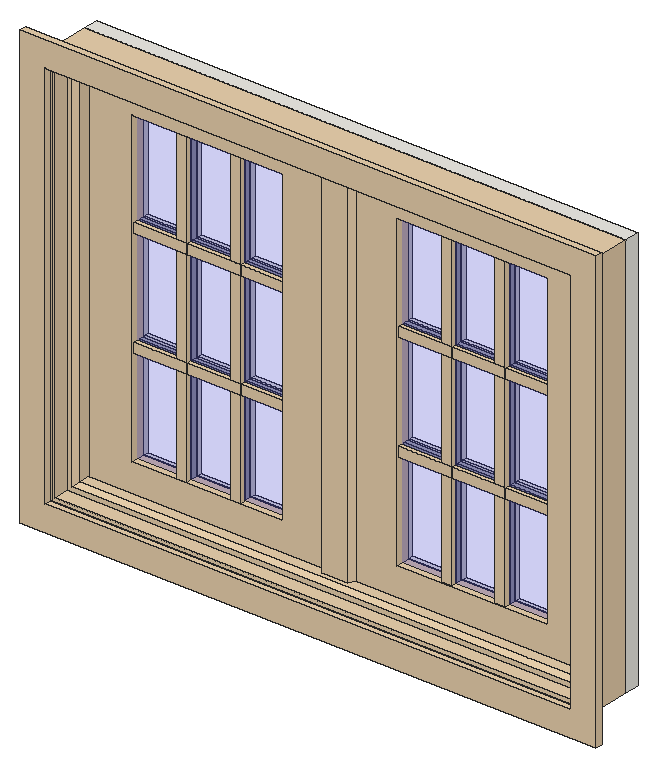
Revit family "Window-Door_Transom-Andersen-400_Series-Double 6", category Windows, host Wall, Revit 2013
Parameters
  Visual Light Transmittance = 0.36  # constant formula
  Thermal Resistance (R) = 0.60723  # 3.4480 (h·ft²·°F)/BTU
  TFL = if(Fractional Lights High > 5, 3, if(or(Fractional Lights High = 4, Fractional Lights High = 5), 2, if(or(Fractional Lights High = 2, Fractional Lights High = 3), 1, 1)))  # 1
  TFB = TFL - 1  # 0
  Solar Heat Gain Coefficient = 0.16  # constant formula
  Sill MO Offset = if(Enter Exterior Trim Number > 0, 0' 1 15/16" + Masonry Opening Offset, 0' 0 1/4")  # 0' - 0 1/4"
  Learn About These Parameters = "http://www.andersenwindows.com/for-professionals/cad-symbols-bim-support-window-doors/bim-support"
  LWide = if(Enter Pattern Number = 3, 3, if(or(Enter Pattern Number = 1, Enter Pattern Number = 2), . . Lights Wide, Fractional Lights Wide))  # 3
  Interior Material = Wood - Andersen - Pine
  Interior Grille Bar = yes
  Heat Transfer Coefficient (U) = 1.6467  # 0.2900 BTU/(h·ft²·°F)
  Head MO Offset = if(Enter Exterior Trim Number > 0, casing4 + Masonry Opening Offset, 0' 0 1/4")  # 0' - 0 1/4"
  Glazing Material = Glass ‐ Andersen - Low-E4 SmartSun
  Fractional Lights Wide = 3
  Fractional Lights High = 3
  Exterior Unit Finish = Vinyl - Andersen - White
  Exterior Grille Bar = yes
  Analytic Construction = "<None>"
  Available Grille Bar Sizes = "3/4'', 7/8'', 1 1/8'', 2 1/4''"  # constant formula
  Between Glass Grille Bar Sizes = "3/4'', 1''"  # constant formula
  Interior Casing = yes
  Grille Bar Size = 0' - 0 7/8"
  Enter Pattern Number = 1
  ..Pattern Number 1 = "Colonial"  # constant formula
  ..Pattern Number 2 = "Modified Colonial"  # constant formula
  . . Lights Wide = 3
  . . Lights High = 3
  ..Pattern Number 3 = "Prairie"  # constant formula
  ..Pattern Number 4 = "Short Fractional"  # constant formula
  ..Pattern Number 5 = "Tall Fractional"  # constant formula
  Extension Jamb = yes
  Enter Exterior Trim Number = 0
  ..Exterior Trim Number 0 = "No Exterior Trim"  # constant formula
  ..Exterior Trim Number 1 = "Brick Mould"  # constant formula
  ..Exterior Trim Number 2 = "3 1/2'' Flat Casing"  # constant formula
  ..Exterior Trim Number 3 = "4 1/2'' Flat Casing"  # constant formula
  Between Glass Grille Bar = yes
  xjamb Visibility [instance] = and(Extension Jamb, and(Wall Depth > 0' 4 1/2", Extension Jamb))  # yes
  xjamb S1 [instance] = if(Wall Depth > 0' 1 7/8", Wall Depth - 0' 4 1/2", 0' 3")  # 0' - 0 1/16"
  sill nose1 = 0' - 1 13/16"  # constant formula
  sill nose 2 = 0' - 1 15/16"  # constant formula
  casingS2 = if(Enter Exterior Trim Number = 1, 0' 0 3/16", 0' 0 3/16")  # 0' - 0 3/16"
  casingS1 = if(Enter Exterior Trim Number = 1, 0' 0 7/16", 0' 0 3/16")  # 0' - 0 3/16"
  casing4 = if(Enter Exterior Trim Number = 1, 0' 1 3/4", if(Enter Exterior Trim Number = 2, 0' 3 1/4", 0' 4 1/4"))  # 0' - 4 1/4"
  casing3 = 0' - 0 1/2"  # constant formula
  casing2 = 0' - 0 7/8"  # constant formula
  casing1 = 0' - 0 1/4"  # constant formula
  Wall Thickness [instance] = 0' - 6"
  Wall Depth [instance] = 0' - 4 9/16"
  Void Offset 2 = if(Enter Exterior Trim Number > 0, 0' 1 15/16", 0' 0")  # 0' - 0"
  Void Offset 1 = if(Enter Exterior Trim Number > 0, casing4, 0' 0")  # 0' - 0"
  Void Depth [instance] = if(Wall Thickness > Wall Depth, 0' 1" + Wall Thickness - Wall Depth, 0' 1")  # 0' - 2 7/16"
  VGB DLO = if(Enter Pattern Number = 3, 0' 4", (H DLO - (Grille Bar Size * (V Bars))) / if(LWide > 2, LWide, 3))  # 0' - 3.88542"
  V Bars = if(Enter Pattern Number = 3, 2, if(LWide > 2, LWide - 1, 2))  # 2
  URL = "www.andersenwindows.com"
  Type Comments = "Vinyl-clad transom window"
  TS V Bar Length = if(or(Enter Pattern Number = 5, Enter Pattern Number = 2), ((((Height - HGO - SGO - (Grille Bar Size * (Fractional Lights High - 1))) / Fractional Lights High)) * TFL) + (TFB * Grille Bar Size), if(Enter Pattern Number = 4, ((Height - HGO - SGO - (Grille Bar Size * (Fractional Lights High - 1))) / Fractional Lights High), Height - HGO - SGO))  # 2' - 3 5/8"
  TS SH DLO = if(or(Enter Pattern Number = 5, Enter Pattern Number = 2), ((((Height - HGO - SGO - (Grille Bar Size * (Fractional Lights High - 1))) / Fractional Lights High)) * TFL) + (TFB * Grille Bar Size) + HGO + (Grille Bar Size / 2), if(Enter Pattern Number = 4, TS V Bar Length + HGO + (Grille Bar Size / 2), (TS V Bar Length / 2) + HGO))  # 1' - 6"
  TS S V = LWide = 2  # no
  TS S H Craftsman = and(Enter Pattern Number = 2, or(Fractional Lights High = 4, Fractional Lights High = 5))  # no
  TS S H = or(or(or(and(. . Lights High = 2, Enter Pattern Number = 1), and(Enter Pattern Number = 4, Fractional Lights High > 1)), and(Enter Pattern Number = 5, Fractional Lights High > 1)), and(Enter Pattern Number = 2, Fractional Lights High > 1))  # no
  TS M V = or(or(or(or(or(and(LWide > 2, Enter Pattern Number = 1), and(LWide > 2, Enter Pattern Number = 2)), Enter Pattern Number = 3), Enter Pattern Number = 4), Enter Pattern Number = 5), and(LWide > 2, Enter Pattern Number = 6))  # yes
  TS M H = or(or(Enter Pattern Number = 3, and(. . Lights High > 2, Enter Pattern Number = 1)), and(Enter Pattern Number = 2, Fractional Lights High > 5))  # yes
  TS HGB DLO = if(Enter Pattern Number = 1, if(. . Lights High > 2, ((TS V Bar Length - (Grille Bar Size * (. . Lights High - 1))) / . . Lights High), 0' 4"), if(Enter Pattern Number = 3, 0' 4", if(Fractional Lights High > 2, ((TS V Bar Length - (Grille Bar Size * 2)) / 3), 0' 4")))  # 0' - 8 5/8"
  TS H Bars = if(Enter Pattern Number = 3, 2, if(Enter Pattern Number = 1, if(. . Lights High > 2, . . Lights High - 1, 2), 2))  # 2
  SGO = 0' - 4 3/16"  # constant formula
  Rough Width = Width + (Rough Opening Offset * 2)  # 4' - 0 1/2"
  Rough Opening Offset = 0' - 0 1/4"
  Rough Height = Height + (Rough Opening Offset * 2)  # 3' - 0 1/2"
  Product Documentation Link = "http://www.andersenwindows.com/products/400-series-frenchwood-hinged-patio-door/"
  Plan Exterior Mask Visibility [instance] = Plan Exterior Mask 2 > 0' 0 1/32"  # yes
  Plan Exterior Mask 2 [instance] = if(Enter Exterior Trim Number > 0, if(Wall Depth + 0' 1 1/16" + casingS1 > Wall Thickness, 0' 0 1/32", Wall Thickness - Wall Depth - 0' 1 1/16" - casingS1), if(Wall Depth + 0' 1 1/16" > Wall Thickness, 0' 0 1/32", Wall Thickness - Wall Depth - 0' 0 1/16"))  # 0' - 1 3/8"
  Plan Exterior Mask [instance] = if(Enter Exterior Trim Number > 0, 0' 1 1/16" + casingS1, 0' 1 1/16")  # 0' - 1 1/16"
  Nail Fin Visibility = Enter Exterior Trim Number = 0  # yes
  Model = "400-Series Door Transom"  # constant formula
  Masonry Width = if(Enter Exterior Trim Number > 0, Width + ((casing4 + Masonry Opening Offset) * 2), Width + (Masonry Opening Offset * 2))  # 4' - 0 1/2"
  Masonry Opening Offset = 0' - 0 1/4"
  Masonry Height = if(Enter Exterior Trim Number > 0, Height + (casing4 + Masonry Opening Offset) + (sill nose 2 + Masonry Opening Offset), Height + (Masonry Opening Offset * 2))  # 3' - 0 1/2"
  Manufacturer = "Andersen Corporation"  # constant formula
  JGO = 0' - 5 9/16"  # constant formula
  Interior Casing Size = 0' - 2 1/4"
  Height = 3' - 0"
  HGO = 0' - 4 3/16"  # constant formula
  H DLO = Width / 2 - JGO - 0' 5 1/32"  # 1' - 1 13/32"
  Family Version = "03.01.15"  # constant formula
  Exterior Trim Finish = Fibrex Composite - Andersen - White
  Designation = "FWT"
  Description = "Vinyl-clad transom window"  # constant formula
  Default Sill Height = 6' 10 1/2" - Rough Height  # 3' - 10"
  Wall Closure = By host
  Width = 4' - 0"
  Coarse Plan [instance] = if(Wall Depth < Wall Thickness, Wall Depth, Wall Thickness)  # 0' - 4 9/16"
  Casing Visibility = Enter Exterior Trim Number > 0  # no
  Between Glass Grille Bar Finish = Stainless Steel - Andersen - Standard
  Bar Center Line = if(Enter Pattern Number = 6, 1, 2)  # 2
  Assembly Code = "B2020100"
Reference planes (in)
  plane 1 "Center (Front/Back)": y = 0
  plane 2: z = 0
  plane 3 "Center (Left/Right)": x = 0
  plane 4 "R Frame": x = -24
  plane 5 "L Frame": x = 24
  plane 6 "B Frame": z = 46.5
  plane 7 "T Frame": z = 82.5
  plane 8 "L Glazing": x = 18.4375
  plane 9 "L Ext Frame1": x = 21.88286
  plane 10 "L Int Frame1": x = 22.285
  plane 11 "L Xjamb 1": x = 23.3125
  plane 12 "L Casing 1": x = 23.75
  plane 13 "L Xjamb 2": x = 23.9375
  plane 14 "L Rough Opening": x = 24.25
  plane 15 "L Casing 2": x = 27.375
  plane 16 "L Casing 3": x = 27.75
  plane 17 "L Casing 4": x = 28.25
  plane 18 "R Glazing": x = -18.4375
  plane 19 "R Ext Frame1": x = -21.88286
  plane 20 "R Int Frame1": x = -22.285
  plane 21 "R Xjamb 1": x = -23.3125
  plane 22 "R Casing 1": x = -23.75
  plane 23 "R Xjamb 2": x = -23.9375
  plane 24 "R Rough Opening": x = -24.25
  plane 25 "R Casing 2": x = -27.375
  plane 26 "R Casing 3": x = -27.75
  plane 27 "R Casing 4": x = -28.25
  plane 28 "R Int Casing": x = -25.5625
  plane 29 "T Glazing": z = 78.3125
  plane 30 "T Ext Frame2": z = 81.79168
  plane 31 "T Int Frame2": z = 81.484
  plane 32 "T Xjamb 1": z = 81.8125
  plane 33 "T Casing 1": z = 82.25
  plane 34 "T Xjamb 2": z = 82.4375
  plane 35 "T Rough Opening": z = 82.75
  plane 36 "T Casing 2": z = 85.875
  plane 37 "T Casing 3": z = 86.25
  plane 38 "T Casing 4": z = 86.75
  plane 39 "T Int Casing": z = 84.0625
  plane 40 "B Glazing": z = 50.6875
  plane 41 "B Ext Frame2": z = 47.20832
  plane 42 "B Int Frame2": z = 47.516
  plane 43 "B Xjamb 2": z = 46.5625
  plane 44 "B Casing 1": z = 46.3125
  plane 45 "B Casing 2": z = 44.5625
  plane 46 "B Int Casing": z = 44.9375
  plane 47 "L Int Casing": x = 25.5625
  plane 48 "Casing S1": y = 3.125
  plane 49 "Casing S2": y = 3.125
  plane 50 "Frame S1": y = 2.9375
  plane 51 "Flange": y = 1.5625
  plane 52 "Glass1 S1": y = 1.21219
  plane 53 "Glass1 S2": y = 1.08719
  plane 54 "Glass1 S3": y = 0.58719
  plane 55 "Glass1 S4": y = 0.46219
  plane 56 "Sash1 S2": y = -0.0945
  plane 57 "Frame2 S2.1": y = -1.6255
  plane 58 "Frame S2": y = -2.9375
  plane 59 "B Xjamb 1": z = 47.1875
  plane 60 "Exterior Offset": y = 4
  plane 61 "Interior Casing": y = -3.625
  plane 62 "Vertical Bar Length": z = 50.6875
  plane 63 "B Rough Opening": z = 46.25
  plane 64 "R Masonry Opening": x = -24.25
  plane 65 "L Masonry Opening": x = 24.25
  plane 66 "T Masonry Opening": z = 82.75
  plane 67 "B Masonry Opening": z = 46.25
  plane 68 "Xjamb S1": y = -2.9375
  plane 69 "Sash1 S1": y = 1.6245
  plane 70 "Frame S1.1": y = 1.9825
  plane 71 "R Int Frame2": x = -22.984
  plane 72 "R Ext Frame2": x = -23.29119
  plane 73 "L Int Frame2": x = 22.984
  plane 74 "L Ext Frame2": x = 23.29119
  plane 75 "T Ext Frame1": z = 80.38086
  plane 76 "T Int Frame1": z = 80.785
  plane 77 "B Int Frame1": z = 48.215
  plane 78 "B Ext Frame1": z = 48.61914
  plane 79 "R Panel L Glazing": x = -5.03125
  plane 80 "L Panel R Glazing": x = 5.03125
  plane 81 "R Panel L": x = -1.03125
  plane 82 "L Panel R": x = 1.03125
  plane 83 "L Astragal": x = -1.58589
  plane 84 "R Astragal": x = 1.58589
Forms (in)
  Extrusion 1, void
    sketch origin (0, 0, 0) x (1, 0, 0) y (0, 0, 1)
      loop
        line (24, 82.5) -> (-24, 82.5) -> (-24, 46.5) -> (24, 46.5) -> (24, 82.5)
    from -1.5625 to 3
  Extrusion 2, void
    sketch origin (0, 0, 0) x (1, 0, 0) y (0, 0, 1)
      loop
        line (24, 82.5) -> (-24, 82.5) -> (-24, 46.5) -> (24, 46.5) -> (24, 82.5)
    from -15 to -1.5625
  Extrusion 3, solid, material "Wood - Andersen - Pine" <- "Interior Material", visible <- "xjamb Visibility", detail levels medium+fine
    sketch origin (0, -2.5625, 0) x (-1, 0, 0) y (0, 0, 1)
      loop
        line (23.9375, 82.4375) -> (-23.9375, 82.4375) -> (-23.9375, 46.5625) -> (23.9375, 46.5625) -> (23.9375, 82.4375)
      loop
        line (23.3125, 81.8125) -> (-23.3125, 81.8125) -> (-23.3125, 47.1875) -> (23.3125, 47.1875) -> (23.3125, 81.8125)
    from -0.375 to -0.4375
  Extrusion 4, solid, material "Wood - Andersen - Pine" <- "Interior Material", visible <- "Interior Casing", detail levels fine
    sketch origin (0, -3.625, 0) x (-1, 0, 0) y (0, 0, 1)
      loop
        line (25.5625, 84.0625) -> (-25.5625, 84.0625) -> (-25.5625, 44.9375) -> (25.5625, 44.9375) -> (25.5625, 84.0625)
      loop
        line (23.3125, 81.8125) -> (-23.3125, 81.8125) -> (-23.3125, 47.1875) -> (23.3125, 47.1875) -> (23.3125, 81.8125)
    from 0 to 0.625
  Extrusion 5, solid, material "Fibrex Composite - Andersen - White" <- "Exterior Trim Finish", visible <- "Casing Visibility", detail levels medium+fine
    sketch origin (0, 0, 0) x (0, 1, 0) y (0, 0, 1)
      loop
        line (2.9375, 46.38964) -> (2.9375, 46.5) -> (1.5625, 46.5) -> (1.5625, 44.5625) -> (3.375, 44.5625) -> (3.375, 46.3125) -> (2.9375, 46.38964)
    from -28.25 to 28.25
  Sweep 6, solid, material "Fibrex Composite - Andersen - White" <- "Exterior Trim Finish", visible <- "Casing Visibility", detail levels medium+fine
    path origin (0, 1.5625, 0) x (-1, 0, 0) y (0, 0, 1)
      loop
        line (-28.25, 44.5625) -> (-28.25, 86.75) -> (28.25, 86.75) -> (28.25, 44.5625)
    profile origin (28.25, 1.5625, 65.65625) x (1, 0, 0) y (0, 1, 0)
      loop
        line (-0.875, 1.5625) -> (-4.5, 1.5625) -> (-4.5, 0) -> (0, 0) -> (0, 1.5625) -> (-0.5, 1.5625) -> (-0.875, 1.5625)
  Extrusion 7, solid, material "Fibrex Composite - Andersen - White" <- "Exterior Trim Finish", visible <- "Casing Visibility", detail levels coarse
    sketch origin (0, 1.5625, 0) x (-1, 0, 0) y (0, 0, 1)
      loop
        line (-28.25, 86.75) -> (-28.25, 44.5625) -> (28.25, 44.5625) -> (28.25, 86.75) -> (-28.25, 86.75)
      loop
        line (-23.75, 82.25) -> (-23.75, 46.5) -> (23.75, 46.5) -> (23.75, 82.25) -> (-23.75, 82.25)
    from 0 to 1.5625
  Extrusion 8, solid, material "Wood - Andersen - Pine" <- "Interior Material"
    sketch origin (0, -0.0945, 0) x (-1, 0, 0) y (0, 0, 1)
      loop
        line (22.984, 81.484) -> (-22.984, 81.484) -> (-22.984, 47.516) -> (22.984, 47.516) -> (22.984, 81.484)
      loop
        line (-5.03125, 78.3125) -> (-18.4375, 78.3125) -> (-18.4375, 50.6875) -> (-5.03125, 50.6875) -> (-5.03125, 78.3125)
      loop
        line (5.03125, 78.3125) -> (5.03125, 50.6875) -> (18.4375, 50.6875) -> (18.4375, 78.3125) -> (5.03125, 78.3125)
    from 0 to 1.30669
  Extrusion 9, solid, material "Vinyl - Andersen - White" <- "Exterior Unit Finish"
    sketch origin (0, 45.99825, 0) x (-1, 0, 0) y (0, 0, 1)
      loop
        line (-18.4375, 78.3125) -> (-18.4375, 50.6875) -> (-5.03125, 50.6875) -> (-5.03125, 78.3125) -> (-18.4375, 78.3125)
      loop
        line (22.984, 47.516) -> (22.984, 81.484) -> (-22.984, 81.484) -> (-22.984, 47.516) -> (22.984, 47.516)
      loop
        line (5.03125, 78.3125) -> (5.03125, 50.6875) -> (18.4375, 50.6875) -> (18.4375, 78.3125) -> (5.03125, 78.3125)
    from -44.37375 to -44.78605
  Extrusion 10, solid, material "Glass ‐ Andersen - Low-E4 SmartSun" <- "Glazing Material"
    sketch origin (0, 0.46219, 0) x (-1, 0, 0) y (0, 0, 1)
      loop
        line (-18.4375, 78.3125) -> (-18.4375, 50.6875) -> (-5.03125, 50.6875) -> (-5.03125, 78.3125) -> (-18.4375, 78.3125)
      loop
        line (5.03125, 78.3125) -> (5.03125, 50.6875) -> (18.4375, 50.6875) -> (18.4375, 78.3125) -> (5.03125, 78.3125)
    from 0 to 0.75
  Extrusion 11, solid, material "Vinyl - Andersen - White" <- "Exterior Unit Finish", detail levels coarse
    sketch origin (0, 1.5625, 0) x (-1, 0, 0) y (0, 0, 1)
      loop
        line (-24, 46.5) -> (24, 46.5) -> (24, 82.5) -> (-24, 82.5) -> (-24, 46.5)
      loop
        line (-21.88286, 48.61914) -> (21.88286, 48.61914) -> (21.88286, 80.38086) -> (-21.88286, 80.38086) -> (-21.88286, 48.61914)
    from 0.062 to 1.375
  Extrusion 12, solid, material "Wood - Andersen - Pine" <- "Interior Material"
    sketch origin (0, 1.5625, 0) x (-1, 0, 0) y (0, 0, 1)
      loop
        line (-22.984, 81.484) -> (-22.984, 47.516) -> (22.984, 47.516) -> (22.984, 81.484) -> (-22.984, 81.484)
      loop
        line (-24, 82.5) -> (-24, 46.5) -> (24, 46.5) -> (24, 82.5) -> (-24, 82.5)
    from -4.5 to 0.062
  Sweep 13, solid, material "Vinyl - Andersen - White" <- "Exterior Unit Finish", detail levels medium+fine
    path origin (0, 1.5625, 0) x (-1, 0, 0) y (0, 0, 1)
      loop
        line (-24, 82.5) -> (-24, 46.5) -> (24, 46.5) -> (24, 82.5) -> (-24, 82.5)
    profile origin (24, 1.5625, 64.5) x (1, 0, 0) y (0, 1, 0)
      loop
        line (-2.11714, 0.062) -> (0, 0.062) -> (0, 1.375) -> (-0.70881, 1.375) -> (-0.94643, 0.42) -> (-1.91565, 0.42) -> (-2.11714, 0.062)
  Sweep 14, solid, material "Wood - Andersen - Pine" <- "Interior Material", detail levels medium+fine
    path origin (0, 1.5625, 0) x (-1, 0, 0) y (0, 0, 1)
      loop
        line (24, 82.5) -> (-24, 82.5) -> (-24, 46.5) -> (24, 46.5) -> (24, 82.5)
    profile origin (24, 1.5625, 64.5) x (0, 1, 0) y (-1, 0, 0)
      loop
        line (-1.657, 1.016) -> (-1.657, 1.715) -> (-2.676, 1.715) -> (-3.188, 1.416) -> (-3.188, 1.016) -> (-1.657, 1.016)
  Extrusion 15, solid, material "Wood - Andersen - Pine" <- "Interior Material"
    sketch origin (0, 0, 0) x (1, 0, 0) y (0, 1, 0)
      loop
        line (-1.44796, -0.0945) -> (-1.16839, -0.65119) -> (1.16839, -0.65119) -> (1.44796, -0.0945) -> (-1.44796, -0.0945)
    from 48.215 to 80.785
  Extrusion 16, solid, material "Vinyl - Andersen - White" <- "Exterior Unit Finish"
    sketch origin (0, 0, 0) x (1, 0, 0) y (0, 1, 0)
      loop
        line (-1.58589, 1.80208) -> (-1.58589, 1.6245) -> (1.58589, 1.6245) -> (1.58589, 1.80208) -> (0.55797, 1.94654) -> (-0.55797, 1.94654) -> (-1.58589, 1.80208)
    from 48.61914 to 80.38086
Cuts and joins
  joined: Extrusion 5, Sweep 6
Lines and regions (in)
  Masking region 1, detail levels medium+fine
    outline origin (0, 0, 46.5) x (0, -1, 0) y (1, 0, 0)
      loop
        line (-2.9375, -24) -> (2.9375, -24) -> (2.9375, 24) -> (-2.9375, 24) -> (-2.9375, -24)
  Masking region 2, visible <- "Casing Visibility", detail levels medium+fine
    outline origin (0, 0, 46.5) x (0, -1, 0) y (1, 0, 0)
      loop
        line (-2.9375, -24) -> (-2.9375, 24) -> (-1.5625, 24) -> (-1.5625, 28.25) -> (-3.125, 28.25) -> (-3.125, -28.25) -> (-1.5625, -28.25) -> (-1.5625, -24) -> (-2.9375, -24)
  Masking region 3, visible <- "Nail Fin Visibility", detail levels coarse
    outline origin (0, 0, 46.5) x (0, -1, 0) y (1, 0, 0)
      loop
        line (-4, -24) -> (3, -24) -> (3, 24) -> (-4, 24) -> (-4, -24)
  Masking region 4
    outline origin (0, 0, 0) x (0, 1, 0) y (0, 0, 1)
      loop
        line (2.9375, 82.5) -> (-2.9375, 82.5) -> (-2.9375, 46.5) -> (2.9375, 46.5) -> (2.9375, 82.5)
  Masking region 5, visible <- "Casing Visibility"
    outline origin (0, 0, 0) x (0, 1, 0) y (0, 0, 1)
      loop
        line (2.9375, 46.38964) -> (2.9375, 46.5) -> (1.5625, 46.5) -> (1.5625, 44.5625) -> (3.375, 44.5625) -> (3.375, 46.3125) -> (2.9375, 46.38964)
  Masking region 6, visible <- "Casing Visibility"
    outline origin (0, 0, 0) x (0, 1, 0) y (0, 0, 1)
      loop
        line (2.9375, 82.5) -> (2.9375, 46.38964) -> (3.125, 46.35658) -> (3.125, 86.75) -> (1.5625, 86.75) -> (1.5625, 82.5) -> (2.9375, 82.5)
  Masking region 7, visible <- "Casing Visibility"
    outline origin (0, 2.9375, 0) x (-1, 0, 0) y (0, 0, 1)
      loop
        line (-28.25, 86.75) -> (-28.25, 44.5625) -> (28.25, 44.5625) -> (28.25, 86.75) -> (-28.25, 86.75)
  Masking region 8
    outline origin (0, 2.9375, 0) x (-1, 0, 0) y (0, 0, 1)
      loop
        line (-24, 82.5) -> (-24, 46.5) -> (24, 46.5) -> (24, 82.5) -> (-24, 82.5)
  Masking region 9
    outline origin (0, -2.9375, 0) x (-1, 0, 0) y (0, 0, 1)
      loop
        line (24, 82.5) -> (-24, 82.5) -> (-24, 46.5) -> (24, 46.5) -> (24, 82.5)
  Masking region 10, visible <- "Interior Casing", detail levels fine
    outline origin (0, -3.625, 0) x (-1, 0, 0) y (0, 0, 1)
      loop
        line (25.5625, 84.0625) -> (-25.5625, 84.0625) -> (-25.5625, 44.9375) -> (25.5625, 44.9375) -> (25.5625, 84.0625)
      loop
        line (23.3125, 81.8125) -> (-23.3125, 81.8125) -> (-23.3125, 47.1875) -> (23.3125, 47.1875) -> (23.3125, 81.8125)
  Masking region 11, visible <- "Casing Visibility", detail levels coarse
    outline origin (0, 0, 46.5) x (0, -1, 0) y (1, 0, 0)
      loop
        line (-4, -28.25) -> (-1.5625, -28.25) -> (-1.5625, -24) -> (3, -24) -> (3, 24) -> (-1.5625, 24) -> (-1.5625, 28.25) -> (-4, 28.25) -> (-4, -28.25)
  Masking region 12, visible <- "xjamb Visibility", detail levels medium+fine
    outline origin (0, 0, 46.5) x (0, -1, 0) y (1, 0, 0)
      loop
        line (2.9375, -23.9375) -> (3, -23.9375) -> (3, 23.9375) -> (2.9375, 23.9375) -> (2.9375, -23.9375)
  Masking region 13, visible <- "Interior Casing", detail levels fine
    outline origin (0, 0, 46.5) x (0, -1, 0) y (1, 0, 0)
      loop
        line (3, -25.5625) -> (3.625, -25.5625) -> (3.625, 25.5625) -> (3, 25.5625) -> (3, -25.5625)
  Masking region 14, visible <- "xjamb Visibility", detail levels medium+fine
    outline origin (0, 0, 0) x (0, 1, 0) y (0, 0, 1)
      loop
        line (-2.9375, 82.4375) -> (-3, 82.4375) -> (-3, 46.5625) -> (-2.9375, 46.5625) -> (-2.9375, 82.4375)
  Masking region 15, visible <- "Interior Casing", detail levels fine
    outline origin (0, 0, 0) x (0, 1, 0) y (0, 0, 1)
      loop
        line (-3, 84.0625) -> (-3.625, 84.0625) -> (-3.625, 44.9375) -> (-3, 44.9375) -> (-3, 84.0625)
  symbolic lines, style "WindowsFrameMullionProjection", visible <- "Casing Visibility", detail levels fine
    curve 1: line (27.75, 3.125, 46.5) -> (27.375, 3.125, 46.5)
    curve 2: line (27.375, 3.125, 46.5) -> (23.75, 3.125, 46.5)
    curve 3: line (23.75, 3.125, 46.5) -> (23.75, 2.9375, 46.5)
    curve 4: line (-27.75, 3.125, 46.5) -> (-27.375, 3.125, 46.5)
    curve 5: line (-27.375, 3.125, 46.5) -> (-23.75, 3.125, 46.5)
    curve 6: line (-23.75, 3.125, 46.5) -> (-23.75, 2.9375, 46.5)
  symbolic lines, style "WindowsGlassProjection", detail levels medium+fine
    curve 7: line (-18.4375, 1.21219, 46.5) -> (-5.03125, 1.21219, 46.5)
    curve 10: line (-18.4375, 0.46219, 46.5) -> (-5.03125, 0.46219, 46.5)
    curve 233: line (5.03125, 1.21219, 46.5) -> (18.4375, 1.21219, 46.5)
    curve 236: line (5.03125, 0.46219, 46.5) -> (18.4375, 0.46219, 46.5)
  symbolic lines, style "WindowsGlassProjection", detail levels fine
    curve 8: line (-18.4375, 1.08719, 46.5) -> (-5.03125, 1.08719, 46.5)
    curve 9: line (-18.4375, 0.58719, 46.5) -> (-5.03125, 0.58719, 46.5)
    curve 27: line (0, 1.08719, 78.3125) -> (0, 1.08719, 50.6875)
    curve 28: line (0, 0.58719, 78.3125) -> (0, 0.58719, 50.6875)
    curve 47: line (-19.3125, 1.08719, 46.25) -> (-18.452, 1.08719, 46.25)
    curve 48: line (-19.3125, 0.58719, 46.25) -> (-18.452, 0.58719, 46.25)
    curve 49: line (-18.5625, 1.08719, 46.25) -> (-18.5625, 0.58719, 46.25)
    curve 50: line (0, 1.08719, 79.1875) -> (0, 1.08719, 78.3125)
    curve 51: line (0, 0.58719, 79.1875) -> (0, 0.58719, 78.3125)
    curve 52: line (0, 1.08719, 78.4375) -> (0, 0.58719, 78.4375)
    curve 70: line (19.3125, 1.08719, 46.25) -> (18.452, 1.08719, 46.25)
    curve 71: line (19.3125, 0.58719, 46.25) -> (18.452, 0.58719, 46.25)
    curve 72: line (18.5625, 1.08719, 46.25) -> (18.5625, 0.58719, 46.25)
    curve 154: line (0, 1.08719, 49.8125) -> (0, 1.08719, 50.6875)
    curve 155: line (0, 0.58719, 49.8125) -> (0, 0.58719, 50.6875)
    curve 156: line (0, 1.08719, 50.5625) -> (0, 0.58719, 50.5625)
    curve 173: line (-4.15625, 1.08719, 46.25) -> (-5.01675, 1.08719, 46.25)
    curve 174: line (-4.15625, 0.58719, 46.25) -> (-5.01675, 0.58719, 46.25)
    curve 175: line (-4.90625, 1.08719, 46.25) -> (-4.90625, 0.58719, 46.25)
    curve 190: line (4.15625, 1.08719, 46.25) -> (5.01675, 1.08719, 46.25)
    curve 191: line (4.15625, 0.58719, 46.25) -> (5.01675, 0.58719, 46.25)
    curve 192: line (4.90625, 1.08719, 46.25) -> (4.90625, 0.58719, 46.25)
    curve 234: line (5.03125, 1.08719, 46.5) -> (18.4375, 1.08719, 46.5)
    curve 235: line (5.03125, 0.58719, 46.5) -> (18.4375, 0.58719, 46.5)
  symbolic lines, style "WindowsFrameMullionProjection", detail levels medium
    curve 11: line (-22.285, 1.6245, 46.5) -> (-18.4375, 1.6245, 46.5)
    curve 12: line (-18.4375, 1.6245, 46.5) -> (-18.4375, -0.0945, 46.5)
    curve 13: line (-18.4375, -0.0945, 46.5) -> (-22.285, -0.0945, 46.5)
    curve 14: line (-22.285, 2.9375, 46.5) -> (-22.285, -2.9375, 46.5)
    curve 15: line (22.285, 1.6245, 46.5) -> (18.4375, 1.6245, 46.5)
    curve 16: line (18.4375, 1.6245, 46.5) -> (18.4375, -0.0945, 46.5)
    curve 17: line (18.4375, -0.0945, 46.5) -> (22.285, -0.0945, 46.5)
    curve 18: line (22.285, 2.9375, 46.5) -> (22.285, -2.9375, 46.5)
    curve 237: line (5.03125, 1.6245, 46.5) -> (5.03125, -0.0945, 46.5)
    curve 238: line (-5.03125, 1.6245, 46.5) -> (-5.03125, -0.0945, 46.5)
    curve 239: line (-5.03125, 1.6245, 46.5) -> (5.03125, 1.6245, 46.5)
    curve 240: line (-5.03125, -0.0945, 46.5) -> (5.03125, -0.0945, 46.5)
    curve 241: line (0, 1.6245, 46.5) -> (0, -0.0945, 46.5)
  symbolic lines, style "WindowsFrameMullionProjection", detail levels coarse
    curve 19: line (-22.285, -3, 46.5) -> (-22.285, 4, 46.5)
    curve 20: line (22.285, -3, 46.5) -> (22.285, 4, 46.5)
  symbolic lines, style "WindowsGlassProjection", detail levels coarse
    curve 21: line (-22.285, 0, 46.5) -> (22.285, 0, 46.5)
    curve 22: line (-22.285, 1, 46.5) -> (22.285, 1, 46.5)
  symbolic lines, style "WindowsFrameMullionProjection", visible <- "Casing Visibility"
    curve 23: line (0, 3.125, 86.25) -> (0, 3.125, 85.875)
    curve 24: line (0, 3.125, 85.875) -> (0, 3.125, 82.25)
    curve 25: line (0, 3.125, 82.25) -> (0, 2.9375, 82.25)
  symbolic lines, style "WindowsGlassProjection"
    curve 26: line (0, 1.21219, 78.3125) -> (0, 1.21219, 50.6875)
    curve 29: line (0, 0.46219, 78.3125) -> (0, 0.46219, 50.6875)
  symbolic lines, style "WindowsFrameMullionProjection", detail levels medium+fine
    curve 30: line (21.88286, 2.9375, 80.38086) -> (-21.88286, 2.9375, 80.38086)
    curve 31: line (21.88286, 2.9375, 48.61914) -> (21.88286, 2.9375, 80.38086)
    curve 32: line (-21.88286, 2.9375, 48.61914) -> (21.88286, 2.9375, 48.61914)
    curve 33: line (-21.88286, 2.9375, 80.38086) -> (-21.88286, 2.9375, 48.61914)
    curve 38: line (-22.285, -2.9375, 81.484) -> (22.285, -2.9375, 81.484)
    curve 39: line (-22.285, -2.9375, 47.516) -> (-22.285, -2.9375, 81.484)
    curve 40: line (22.285, -2.9375, 47.516) -> (-22.285, -2.9375, 47.516)
    curve 41: line (22.285, -2.9375, 81.484) -> (22.285, -2.9375, 47.516)
    curve 250: line (-1.58589, 0, 48.61914) -> (-1.58589, 0, 80.38086)
    curve 251: line (1.58589, 0, 48.61914) -> (1.58589, 0, 80.38086)
  symbolic lines, style "WindowsFrameMullionProjection"
    curve 34: line (18.4375, 0, 78.3125) -> (5.03125, 0, 78.3125)
    curve 35: line (18.4375, 0, 50.6875) -> (18.4375, 0, 78.3125)
    curve 36: line (5.03125, 0, 50.6875) -> (18.4375, 0, 50.6875)
    curve 37: line (5.03125, 0, 78.3125) -> (5.03125, 0, 50.6875)
    curve 121: line (0, 2.9375, 81.79168) -> (0, 1.9825, 81.55357)
    curve 122: line (0, 1.9825, 80.58435) -> (0, 1.6245, 80.38086)
    curve 123: line (0, 1.30351, 78.3125) -> (0, 1.21219, 78.3125)
    curve 124: line (0, 0.46219, 78.3125) -> (0, 0.39969, 78.3125)
    curve 125: line (0, 0.39969, 78.3125) -> (0, -0.0945, 78.5643)
    curve 126: line (0, -0.0945, 80.785) -> (0, -1.1135, 80.785)
    curve 127: line (0, -1.1135, 80.785) -> (0, -1.6255, 81.084)
    curve 135: line (0, 1.9825, 81.55357) -> (0, 1.9825, 80.58435)
    curve 136: line (0, 1.6245, 80.38086) -> (0, 1.6245, 78.44367)
    curve 137: line (0, 1.21219, 79.1875) -> (0, 1.21219, 78.3125)
    curve 138: line (0, 0.46219, 79.1875) -> (0, 0.46219, 78.3125)
    curve 139: line (0, -0.0945, 80.785) -> (0, -0.0945, 78.5643)
    curve 140: line (0, -1.6255, 81.484) -> (0, -1.6255, 81.084)
    curve 141: line (0, -1.6255, 81.484) -> (0, -2.9375, 81.484)
    curve 142: line (0, 1.6245, 78.44367) -> (0, 1.30351, 78.3125)
    curve 143: line (0, 1.21219, 79.1875) -> (0, -0.0945, 79.1875)
    curve 157: line (0, 2.9375, 47.20832) -> (0, 1.9825, 47.44643)
    curve 158: line (0, 1.9825, 48.41565) -> (0, 1.6245, 48.61914)
    curve 159: line (0, 1.30351, 50.6875) -> (0, 1.21219, 50.6875)
    curve 160: line (0, 0.46219, 50.6875) -> (0, 0.39969, 50.6875)
    curve 161: line (0, 0.39969, 50.6875) -> (0, -0.0945, 50.4357)
    curve 162: line (0, -0.0945, 48.215) -> (0, -1.1135, 48.215)
    curve 163: line (0, -1.1135, 48.215) -> (0, -1.6255, 47.916)
    curve 164: line (0, 1.9825, 47.44643) -> (0, 1.9825, 48.41565)
    curve 165: line (0, 1.6245, 48.61914) -> (0, 1.6245, 50.55633)
    curve 166: line (0, 1.21219, 49.8125) -> (0, 1.21219, 50.6875)
    curve 167: line (0, 0.46219, 49.8125) -> (0, 0.46219, 50.6875)
    curve 168: line (0, -0.0945, 48.215) -> (0, -0.0945, 50.4357)
    curve 169: line (0, -1.6255, 47.516) -> (0, -1.6255, 47.916)
    curve 170: line (0, -1.6255, 47.516) -> (0, -2.9375, 47.516)
    curve 171: line (0, 1.6245, 50.55633) -> (0, 1.30351, 50.6875)
    curve 172: line (0, 1.21219, 49.8125) -> (0, -0.0945, 49.8125)
    curve 246: line (-5.03125, 0, 78.3125) -> (-18.4375, 0, 78.3125)
    curve 247: line (-5.03125, 0, 50.6875) -> (-5.03125, 0, 78.3125)
    curve 248: line (-18.4375, 0, 50.6875) -> (-5.03125, 0, 50.6875)
    curve 249: line (-18.4375, 0, 78.3125) -> (-18.4375, 0, 50.6875)
  symbolic lines, style "WindowsFrameMullionProjection", visible <- "Casing Visibility", detail levels medium
    curve 42: line (-24, 2.9375, 46.5) -> (-24, 3.125, 46.5)
    curve 43: line (24, 3.125, 46.5) -> (24, 2.9375, 46.5)
  symbolic lines, style "WindowsFrameMullionProjection", visible <- "Nail Fin Visibility", detail levels medium+fine
    curve 44: line (-24, 1.5625, 0) -> (-25.5, 1.5625, 0)
    curve 69: line (24, 1.5625, 0) -> (25.5, 1.5625, 0)
  symbolic lines, style "WindowsFrameMullionProjection", visible <- "Nail Fin Visibility"
    curve 45: line (0, 1.5625, 82.5) -> (0, 1.5625, 84)
    curve 153: line (0, 1.5625, 46.5) -> (0, 1.5625, 45)
  symbolic lines, style "WindowsFrameMullionProjection", visible <- "Nail Fin Visibility", not visible
    curve 46: line (0, 69.99411, 71.7698) -> (0, 69.99411, 73.2698)
  symbolic lines, style "WindowsGlassProjection", not visible, detail levels fine
    curve 53: line (0, 69.5188, 68.4573) -> (0, 69.5188, 67.5823)
    curve 54: line (0, 69.0188, 68.4573) -> (0, 69.0188, 67.5823)
    curve 55: line (0, 69.5188, 67.7073) -> (0, 69.0188, 67.7073)
    curve 66: line (-19.69142, 14.83537, 46.25) -> (-18.83092, 14.83537, 46.25)
    curve 67: line (-19.69142, 14.33537, 46.25) -> (-18.83092, 14.33537, 46.25)
    curve 68: line (-18.94142, 14.83537, 46.25) -> (-18.94142, 14.33537, 46.25)
    curve 203: line (-4.15625, 2.08719, 46.25) -> (-5.01675, 2.08719, 46.25)
    curve 204: line (-4.15625, 1.58719, 46.25) -> (-5.01675, 1.58719, 46.25)
    curve 205: line (-4.90625, 2.08719, 46.25) -> (-4.90625, 1.58719, 46.25)
    curve 220: line (4.15625, 2.08719, 46.25) -> (5.01675, 2.08719, 46.25)
    curve 221: line (4.15625, 1.58719, 46.25) -> (5.01675, 1.58719, 46.25)
    curve 222: line (4.90625, 2.08719, 46.25) -> (4.90625, 1.58719, 46.25)
  symbolic lines, style "WindowsFrameMullionProjection", visible <- "xjamb Visibility", detail levels medium+fine
    curve 56: line (-23.3125, -2.9375, 46.5) -> (-23.3125, -3, 46.5)
    curve 58: line (23.3125, -2.9375, 46.5) -> (23.3125, -3, 46.5)
    curve 60: line (0, -2.9375, 81.8125) -> (0, -3, 81.8125)
    curve 62: line (0, -2.9375, 47.1875) -> (0, -3, 47.1875)
  symbolic lines, style "WindowsFrameMullionProjection", visible <- "Interior Casing", detail levels fine
    curve 57: line (-23.3125, -3, 46.5) -> (-23.3125, -3.625, 46.5)
    curve 59: line (23.3125, -3, 46.5) -> (23.3125, -3.625, 46.5)
    curve 61: line (0, -3, 81.8125) -> (0, -3.625, 81.8125)
    curve 63: line (0, -3, 47.1875) -> (0, -3.625, 47.1875)
  symbolic lines, style "InvisibleLines", detail levels coarse
    curve 64: line (-24, -3, 0) -> (24, -3, 0)
  symbolic lines, style "WindowsFrameMullionProjection", visible <- "Nail Fin Visibility", not visible, detail levels medium+fine
    curve 65: line (-24.37892, 15.31068, 0) -> (-25.87892, 15.31068, 0)
  symbolic lines, style "WindowsFrameMullionProjection", detail levels fine
    curve 73: line (-23.29119, 2.9375, 46.25) -> (-23.05357, 1.9825, 46.25)
    curve 74: line (-22.08435, 1.9825, 46.25) -> (-21.88286, 1.6245, 46.25)
    curve 75: line (-18.56719, 1.6245, 46.25) -> (-18.4375, 1.30351, 46.25)
    curve 76: line (-18.4375, 1.30351, 46.25) -> (-18.4375, 1.21219, 46.25)
    curve 77: line (-18.4375, 0.46219, 46.25) -> (-18.4375, 0.40019, 46.25)
    curve 78: line (-18.4375, 0.40019, 46.25) -> (-18.68593, -0.0945, 46.25)
    curve 79: line (-22.285, -0.0945, 46.25) -> (-22.285, -1.1135, 46.25)
    curve 80: line (-22.285, -1.1135, 46.25) -> (-22.584, -1.6255, 46.25)
    curve 81: line (-22.984, -1.6255, 46.25) -> (-22.984, -2.9375, 46.25)
    curve 82: line (-23.05357, 1.9825, 46.25) -> (-22.08435, 1.9825, 46.25)
    curve 83: line (-21.88286, 1.6245, 46.25) -> (-18.56719, 1.6245, 46.25)
    curve 84: line (-19.3125, 1.21219, 46.25) -> (-18.4375, 1.21219, 46.25)
    curve 85: line (-19.3125, 0.46219, 46.25) -> (-18.4375, 0.46219, 46.25)
    curve 86: line (-22.285, -0.0945, 46.25) -> (-18.68593, -0.0945, 46.25)
    curve 87: line (-22.984, -1.6255, 46.25) -> (-22.584, -1.6255, 46.25)
    curve 103: line (23.29119, 2.9375, 46.25) -> (23.05357, 1.9825, 46.25)
    curve 104: line (22.08435, 1.9825, 46.25) -> (21.88286, 1.6245, 46.25)
    curve 105: line (18.56719, 1.6245, 46.25) -> (18.4375, 1.30351, 46.25)
    curve 106: line (18.4375, 1.30351, 46.25) -> (18.4375, 1.21219, 46.25)
    curve 107: line (18.4375, 0.46219, 46.25) -> (18.4375, 0.40019, 46.25)
    curve 108: line (18.4375, 0.40019, 46.25) -> (18.68593, -0.0945, 46.25)
    curve 109: line (22.285, -0.0945, 46.25) -> (22.285, -1.1135, 46.25)
    curve 110: line (22.285, -1.1135, 46.25) -> (22.584, -1.6255, 46.25)
    curve 111: line (22.984, -1.6255, 46.25) -> (22.984, -2.9375, 46.25)
    curve 112: line (23.05357, 1.9825, 46.25) -> (22.08435, 1.9825, 46.25)
    curve 113: line (21.88286, 1.6245, 46.25) -> (18.56719, 1.6245, 46.25)
    curve 114: line (19.3125, 1.21219, 46.25) -> (18.4375, 1.21219, 46.25)
    curve 115: line (19.3125, 0.46219, 46.25) -> (18.4375, 0.46219, 46.25)
    curve 116: line (22.285, -0.0945, 46.25) -> (18.68593, -0.0945, 46.25)
    curve 117: line (22.984, -1.6255, 46.25) -> (22.584, -1.6255, 46.25)
    curve 118: line (-19.3125, 1.21219, 46.25) -> (-19.3125, -0.0945, 46.25)
    curve 120: line (19.3125, 1.21219, 46.25) -> (19.3125, -0.0945, 46.25)
    curve 176: line (0.55797, 1.94654, 46.25) -> (-0.55797, 1.94654, 46.25)
    curve 177: line (-1.58589, 1.80208, 46.25) -> (-1.58589, 1.6245, 46.25)
    curve 178: line (-4.90156, 1.6245, 46.25) -> (-5.03125, 1.30351, 46.25)
    curve 179: line (-5.03125, 1.30351, 46.25) -> (-5.03125, 1.21219, 46.25)
    curve 180: line (-5.03125, 0.46219, 46.25) -> (-5.03125, 0.40019, 46.25)
    curve 181: line (-5.03125, 0.40019, 46.25) -> (-4.78282, -0.0945, 46.25)
    curve 182: line (-0.55797, 1.94654, 46.25) -> (-1.58589, 1.80208, 46.25)
    curve 183: line (-1.58589, 1.6245, 46.25) -> (-4.90156, 1.6245, 46.25)
    curve 184: line (-4.15625, 1.21219, 46.25) -> (-5.03125, 1.21219, 46.25)
    curve 185: line (-4.15625, 0.46219, 46.25) -> (-5.03125, 0.46219, 46.25)
    curve 186: line (-1.44796, -0.0945, 46.25) -> (-4.78282, -0.0945, 46.25)
    curve 187: line (-4.15625, 1.21219, 46.25) -> (-4.15625, -0.0945, 46.25)
    curve 188: line (-1.44796, -0.0945, 46.25) -> (-1.16839, -0.65119, 46.25)
    curve 189: line (1.16839, -0.65119, 46.25) -> (-1.16839, -0.65119, 46.25)
    curve 193: line (1.58589, 1.80208, 46.25) -> (1.58589, 1.6245, 46.25)
    curve 194: line (4.90156, 1.6245, 46.25) -> (5.03125, 1.30351, 46.25)
    curve 195: line (5.03125, 1.30351, 46.25) -> (5.03125, 1.21219, 46.25)
    curve 196: line (5.03125, 0.46219, 46.25) -> (5.03125, 0.40019, 46.25)
    curve 197: line (5.03125, 0.40019, 46.25) -> (4.78282, -0.0945, 46.25)
    curve 198: line (0.55797, 1.94654, 46.25) -> (1.58589, 1.80208, 46.25)
    curve 199: line (4.15625, 1.21219, 46.25) -> (5.03125, 1.21219, 46.25)
    curve 200: line (4.15625, 0.46219, 46.25) -> (5.03125, 0.46219, 46.25)
    curve 201: line (4.15625, 1.21219, 46.25) -> (4.15625, -0.0945, 46.25)
    curve 202: line (1.44796, -0.0945, 46.25) -> (1.16839, -0.65119, 46.25)
    curve 242: line (4.78282, -0.0945, 46.25) -> (1.44796, -0.0945, 46.25)
    curve 243: line (4.90156, 1.6245, 46.25) -> (1.58589, 1.6245, 46.25)
  symbolic lines, style "WindowsFrameMullionProjection", not visible, detail levels fine
    curve 88: line (-23.67011, 16.68568, 46.25) -> (-23.43249, 15.73068, 46.25)
    curve 89: line (-22.46327, 15.73068, 46.25) -> (-22.26178, 15.37268, 46.25)
    curve 90: line (-18.9461, 15.37268, 46.25) -> (-18.81642, 15.05169, 46.25)
    curve 91: line (-18.81642, 15.05169, 46.25) -> (-18.81642, 14.96037, 46.25)
    curve 92: line (-18.81642, 14.21037, 46.25) -> (-18.81642, 14.14837, 46.25)
    curve 93: line (-18.81642, 14.14837, 46.25) -> (-19.06485, 13.65368, 46.25)
    curve 94: line (-22.66392, 13.65368, 46.25) -> (-22.66392, 12.63468, 46.25)
    curve 95: line (-22.66392, 12.63468, 46.25) -> (-22.96292, 12.12268, 46.25)
    curve 96: line (-23.36292, 12.12268, 46.25) -> (-23.36292, 10.81068, 46.25)
    curve 97: line (-23.43249, 15.73068, 46.25) -> (-22.46327, 15.73068, 46.25)
    curve 98: line (-22.26178, 15.37268, 46.25) -> (-18.9461, 15.37268, 46.25)
    curve 99: line (-19.69142, 14.96037, 46.25) -> (-18.81642, 14.96037, 46.25)
    curve 100: line (-19.69142, 14.21037, 46.25) -> (-18.81642, 14.21037, 46.25)
    curve 101: line (-22.66392, 13.65368, 46.25) -> (-19.06485, 13.65368, 46.25)
    curve 102: line (-23.36292, 12.12268, 46.25) -> (-22.96292, 12.12268, 46.25)
    curve 119: line (-19.69142, 14.96037, 46.25) -> (-19.69142, 13.65368, 46.25)
    curve 206: line (0.55797, 2.94654, 46.25) -> (-0.55797, 2.94654, 46.25)
    curve 207: line (-1.58589, 2.80208, 46.25) -> (-1.58589, 2.6245, 46.25)
    curve 208: line (-4.90156, 2.6245, 46.25) -> (-5.03125, 2.30351, 46.25)
    curve 209: line (-5.03125, 2.30351, 46.25) -> (-5.03125, 2.21219, 46.25)
    curve 210: line (-5.03125, 1.46219, 46.25) -> (-5.03125, 1.40019, 46.25)
    curve 211: line (-5.03125, 1.40019, 46.25) -> (-4.78282, 0.9055, 46.25)
    curve 212: line (-0.55797, 2.94654, 46.25) -> (-1.58589, 2.80208, 46.25)
    curve 213: line (-1.58589, 2.6245, 46.25) -> (-4.90156, 2.6245, 46.25)
    curve 214: line (-4.15625, 2.21219, 46.25) -> (-5.03125, 2.21219, 46.25)
    curve 215: line (-4.15625, 1.46219, 46.25) -> (-5.03125, 1.46219, 46.25)
    curve 216: line (-1.44796, 0.9055, 46.25) -> (-4.78282, 0.9055, 46.25)
    curve 217: line (-4.15625, 2.21219, 46.25) -> (-4.15625, 0.9055, 46.25)
    curve 218: line (-1.44796, 0.9055, 46.25) -> (-1.16839, 0.34881, 46.25)
    curve 219: line (1.16839, 0.34881, 46.25) -> (-1.16839, 0.34881, 46.25)
    curve 223: line (1.58589, 2.80208, 46.25) -> (1.58589, 2.6245, 46.25)
    curve 224: line (4.90156, 2.6245, 46.25) -> (5.03125, 2.30351, 46.25)
    curve 225: line (5.03125, 2.30351, 46.25) -> (5.03125, 2.21219, 46.25)
    curve 226: line (5.03125, 1.46219, 46.25) -> (5.03125, 1.40019, 46.25)
    curve 227: line (5.03125, 1.40019, 46.25) -> (4.78282, 0.9055, 46.25)
    curve 228: line (0.55797, 2.94654, 46.25) -> (1.58589, 2.80208, 46.25)
    curve 229: line (4.15625, 2.21219, 46.25) -> (5.03125, 2.21219, 46.25)
    curve 230: line (4.15625, 1.46219, 46.25) -> (5.03125, 1.46219, 46.25)
    curve 231: line (4.15625, 2.21219, 46.25) -> (4.15625, 0.9055, 46.25)
    curve 232: line (1.44796, 0.9055, 46.25) -> (1.16839, 0.34881, 46.25)
    curve 244: line (4.78282, 0.9055, 46.25) -> (1.44796, 0.9055, 46.25)
    curve 245: line (4.90156, 2.6245, 46.25) -> (1.58589, 2.6245, 46.25)
  symbolic lines, style "WindowsFrameMullionProjection", not visible
    curve 128: line (0, 71.36911, 71.06148) -> (0, 70.41411, 70.82337)
    curve 129: line (0, 70.41411, 69.85415) -> (0, 70.05611, 69.65067)
    curve 130: line (0, 69.73512, 67.5823) -> (0, 69.6438, 67.5823)
    curve 131: line (0, 68.8938, 67.5823) -> (0, 68.8313, 67.5823)
    curve 132: line (0, 68.8313, 67.5823) -> (0, 68.33711, 67.83411)
    curve 133: line (0, 68.33711, 70.0548) -> (0, 67.31811, 70.0548)
    curve 134: line (0, 67.31811, 70.0548) -> (0, 66.80611, 70.3538)
    curve 144: line (0, 70.41411, 70.82337) -> (0, 70.41411, 69.85415)
    curve 145: line (0, 70.05611, 69.65067) -> (0, 70.05611, 67.71347)
    curve 146: line (0, 69.6438, 68.4573) -> (0, 69.6438, 67.5823)
    curve 147: line (0, 68.8938, 68.4573) -> (0, 68.8938, 67.5823)
    curve 148: line (0, 68.33711, 70.0548) -> (0, 68.33711, 67.83411)
    curve 149: line (0, 66.80611, 70.7538) -> (0, 66.80611, 70.3538)
    curve 150: line (0, 66.80611, 70.7538) -> (0, 65.49411, 70.7538)
    curve 151: line (0, 70.05611, 67.71347) -> (0, 69.73512, 67.5823)
    curve 152: line (0, 69.6438, 68.4573) -> (0, 68.33711, 68.4573)
Text (in)
  text "EXTERIOR" at (-58.6888, 50.90694, 0), in view "Ref. Level"
  text "INTERIOR" at (-58.6888, -37.76638, 0), in view "Ref. Level"
  text "Exterior" at (0, 43.65631, 123.19604), in view "Left"
  text "Exterior" at (0, 18.29385, 125.04747), in view "Right"
Dimensions and locks (in)
  equal spacing: plane 4 "R Frame", plane 3 "Center (Left/Right)", plane 5 "L Frame"
  "Width": plane 4 "R Frame" to plane 5 "L Frame"
  "Height": plane 6 "B Frame" to plane 7 "T Frame"
  locked: plane 50 "Frame S1" to plane 51 "Flange" at 1.375
  locked: plane 51 "Flange" to plane 52 "Glass1 S1" at 0.35031
  locked: plane 51 "Flange" to plane 53 "Glass1 S2" at 0.47531
  locked: plane 51 "Flange" to plane 54 "Glass1 S3" at 0.97531
  locked: plane 51 "Flange" to plane 55 "Glass1 S4" at 1.10031
  locked: plane 51 "Flange" to plane 56 "Sash1 S2" at 1.657
  locked: plane 51 "Flange" to plane 57 "Frame2 S2.1" at 3.188
  locked: plane 51 "Flange" to plane 58 "Frame S2" at 4.5
  "casingS2": plane 49 "Casing S2" to plane 50 "Frame S1"
  "casingS1": plane 48 "Casing S1" to plane 50 "Frame S1"
  locked: plane 34 "T Xjamb 2" to plane 7 "T Frame" at 0.0625
  "casing1": plane 33 "T Casing 1" to plane 7 "T Frame"
  locked: plane 32 "T Xjamb 1" to plane 7 "T Frame" at 0.6875
  locked: plane 31 "T Int Frame2" to plane 7 "T Frame" at 1.016
  locked: plane 30 "T Ext Frame2" to plane 7 "T Frame" at 0.70832
  "HGO": plane 29 "T Glazing" to plane 7 "T Frame"
  "Rough Opening Offset": plane 7 "T Frame" to plane 35 "T Rough Opening"
  "casing4": plane 7 "T Frame" to plane 38 "T Casing 4"
  locked: plane 6 "B Frame" to plane 43 "B Xjamb 2" at 0.0625
  locked: plane 6 "B Frame" to plane 59 "B Xjamb 1" at 0.6875
  locked: plane 6 "B Frame" to plane 41 "B Ext Frame2" at 0.70832
  locked: plane 6 "B Frame" to plane 42 "B Int Frame2" at 1.016
  "SGO": plane 6 "B Frame" to plane 40 "B Glazing"
  "casing4": plane 5 "L Frame" to plane 17 "L Casing 4"
  "casing4": plane 27 "R Casing 4" to plane 4 "R Frame"
  "casing3": plane 37 "T Casing 3" to plane 38 "T Casing 4"
  "casing2": plane 36 "T Casing 2" to plane 38 "T Casing 4"
  "casing3": plane 27 "R Casing 4" to plane 26 "R Casing 3"
  "casing2": plane 27 "R Casing 4" to plane 25 "R Casing 2"
  "casing1": plane 4 "R Frame" to plane 22 "R Casing 1"
  "casing1": plane 12 "L Casing 1" to plane 5 "L Frame"
  "casing3": plane 16 "L Casing 3" to plane 17 "L Casing 4"
  "casing2": plane 15 "L Casing 2" to plane 17 "L Casing 4"
  locked: plane 60 "Exterior Offset" to host wall at 1
  "Void Offset 1": plane 7 "T Frame" to Extrusion 2 sketch curve
  "Void Offset 1": Extrusion 2 sketch curve to plane 4 "R Frame"
  "Void Offset 1": plane 5 "L Frame" to Extrusion 2 sketch curve
  "Interior Casing Size": plane 28 "R Int Casing" to plane 21 "R Xjamb 1"
  "Interior Casing Size": plane 11 "L Xjamb 1" to plane 47 "L Int Casing"
  "Interior Casing Size": plane 32 "T Xjamb 1" to plane 39 "T Int Casing"
  "Interior Casing Size": plane 46 "B Int Casing" to plane 59 "B Xjamb 1"
  locked: plane 4 "R Frame" to plane 21 "R Xjamb 1" at 0.6875
  locked: plane 4 "R Frame" to plane 20 "R Int Frame1" at 1.715
  locked: plane 4 "R Frame" to plane 19 "R Ext Frame1" at 2.11714
  "JGO": plane 4 "R Frame" to plane 18 "R Glazing"
  locked: plane 10 "L Int Frame1" to plane 5 "L Frame" at 1.715
  locked: plane 9 "L Ext Frame1" to plane 5 "L Frame" at 2.11714
  "JGO": plane 8 "L Glazing" to plane 5 "L Frame"
  locked: plane 11 "L Xjamb 1" to plane 5 "L Frame" at 0.6875
  "Wall Thickness": host wall to host wall
  locked: plane 1 "Center (Front/Back)" to curve 22 at 1
  "sill nose1": Masking region 5 sketch curve to plane 51 "Flange"
  "TS SH DLO": nested 2 to plane 7 "T Frame"
  "VGB DLO": nested 3 to plane 8 "L Glazing"
  group 2 to group 1 = 0' - 4.76042"
  group 1 to group 2 = 0' - 0"  (x2)
  group 3 to group 4 = 0' - 0"  (x2)
  group 3 to group 4 = 0' - 9 1/2"
  "TS HGB DLO": nested 6 to plane 29 "T Glazing"
  "TS HGB DLO": plane 62 "Vertical Bar Length" to nested 4
  "TS V Bar Length": plane 62 "Vertical Bar Length" to plane 29 "T Glazing"
  equal spacing: plane 62 "Vertical Bar Length", nested 7, plane 29 "T Glazing"
  "Rough Opening Offset": plane 63 "B Rough Opening" to plane 6 "B Frame"
  "sill nose1": Extrusion 5 sketch curve to plane 51 "Flange"
  "Void Depth": plane 60 "Exterior Offset" to Extrusion 2
  "Wall Depth": host wall to plane 51 "Flange"
  "Void Depth": plane 60 "Exterior Offset" to Masking region 11 sketch curve  (x2)
  locked: plane 61 "Interior Casing" to host wall at 0.625
  locked: Extrusion 2 to host wall at 12
  "Rough Opening Offset": plane 24 "R Rough Opening" to plane 4 "R Frame"
  "Rough Opening Offset": plane 5 "L Frame" to plane 14 "L Rough Opening"
  locked: plane 13 "L Xjamb 2" to plane 5 "L Frame" at 0.0625
  locked: plane 4 "R Frame" to plane 23 "R Xjamb 2" at 0.0625
  "xjamb S1": host wall to plane 68 "Xjamb S1"
  locked: plane 69 "Sash1 S1" to plane 51 "Flange" at 0.062
  locked: plane 70 "Frame S1.1" to plane 51 "Flange" at 0.42
  locked: plane 4 "R Frame" to plane 71 "R Int Frame2" at 1.016
  locked: plane 4 "R Frame" to plane 72 "R Ext Frame2" at 0.70881
  locked: plane 74 "L Ext Frame2" to plane 5 "L Frame" at 0.70881
  locked: plane 73 "L Int Frame2" to plane 5 "L Frame" at 1.016
  locked: plane 75 "T Ext Frame1" to plane 7 "T Frame" at 2.11914
  locked: plane 2 to plane 7 "T Frame" at 82.5
  equal spacing: plane 64 "R Masonry Opening", plane 3 "Center (Left/Right)", plane 65 "L Masonry Opening"
  "Masonry Width": plane 64 "R Masonry Opening" to plane 65 "L Masonry Opening"
  "Head MO Offset": plane 7 "T Frame" to plane 66 "T Masonry Opening"
  locked: plane 44 "B Casing 1" to plane 6 "B Frame" at 0.1875
  "Sill MO Offset": plane 67 "B Masonry Opening" to plane 6 "B Frame"
  "sill nose 2": plane 45 "B Casing 2" to plane 6 "B Frame"
  locked: plane 79 "R Panel L Glazing" to plane 3 "Center (Left/Right)" at 5.03125
  locked: plane 3 "Center (Left/Right)" to plane 80 "L Panel R Glazing" at 5.03125
  locked: plane 81 "R Panel L" to plane 3 "Center (Left/Right)" at 1.03125
  locked: plane 3 "Center (Left/Right)" to plane 82 "L Panel R" at 1.03125
  "VGB DLO": plane 80 "L Panel R Glazing" to nested 5
  equal spacing: plane 80 "L Panel R Glazing", nested 1, plane 8 "L Glazing"
  "VGB DLO": nested 8 to plane 79 "R Panel L Glazing"
  group 12 to group 11 = 0' - 0"
  group 11 to group 12 = 0' - 0"
  group 12 to group 11 = 0' - 9 1/2"
  "TS HGB DLO": nested 9 to plane 29 "T Glazing"
  "TS HGB DLO": plane 62 "Vertical Bar Length" to nested 10
  "TS SH DLO": nested 11 to plane 7 "T Frame"
  equal spacing: plane 62 "Vertical Bar Length", nested 12, plane 29 "T Glazing"
  locked: plane 83 "L Astragal" to plane 3 "Center (Left/Right)" at 1.58589
  locked: plane 3 "Center (Left/Right)" to plane 84 "R Astragal" at 1.58589
  "Void Offset 2": Extrusion 2 sketch curve to plane 6 "B Frame"
  locked: plane 6 "B Frame" to plane 78 "B Ext Frame1" at 2.11914
  locked: plane 6 "B Frame" to plane 77 "B Int Frame1" at 1.715
  equal spacing: plane 18 "R Glazing", nested 13, plane 79 "R Panel L Glazing"
  group 16 to group 15 = 0' - 4.76042"
  group 15 to group 16 = 0' - 0"  (x2)
  "VGB DLO": plane 18 "R Glazing" to nested 14
  locked: plane 44 "B Casing 1" to Masking region 5 sketch curve (angle 10.00°)
  locked: plane 44 "B Casing 1" to Masking region 6 sketch curve (angle 10.00°)
  locked: plane 44 "B Casing 1" to Extrusion 5 sketch curve (angle 10.00°)
  aligned and locked: level to plane 2
  aligned and locked: plane 7 "T Frame" to Extrusion 1 sketch curve
  aligned and locked: plane 5 "L Frame" to Extrusion 1 sketch curve
  aligned and locked: Extrusion 1 sketch curve to plane 4 "R Frame"
  aligned and locked: Extrusion 1 sketch curve to plane 6 "B Frame"
  aligned and locked: host wall to Extrusion 1
  aligned and locked: plane 51 "Flange" to Extrusion 1
  aligned and locked: Masking region 1 sketch curve to plane 50 "Frame S1"
  aligned and locked: plane 58 "Frame S2" to Masking region 1 sketch curve
  aligned and locked: Masking region 1 sketch curve to plane 4 "R Frame"
  aligned and locked: plane 5 "L Frame" to Masking region 1 sketch curve
  aligned and locked: plane 51 "Flange" to Masking region 2 sketch curve  (x2)
  aligned and locked: plane 4 "R Frame" to Masking region 2 sketch curve
  aligned and locked: plane 50 "Frame S1" to Masking region 2 sketch curve
  aligned and locked: Masking region 2 sketch curve to plane 5 "L Frame"
  aligned and locked: plane 17 "L Casing 4" to Masking region 2 sketch curve
  aligned and locked: Masking region 2 sketch curve to plane 48 "Casing S1"
  aligned and locked: plane 16 "L Casing 3" to curve 1
  aligned and locked: plane 48 "Casing S1" to curve 1
  aligned and locked: plane 49 "Casing S2" to curve 1
  aligned and locked: plane 12 "L Casing 1" to curve 3
  aligned and locked: plane 50 "Frame S1" to curve 3
  aligned and locked: plane 15 "L Casing 2" to curve 2
  aligned and locked: Masking region 2 sketch curve to plane 27 "R Casing 4"
  aligned and locked: plane 26 "R Casing 3" to curve 4
  aligned and locked: plane 48 "Casing S1" to curve 4
  aligned and locked: plane 22 "R Casing 1" to curve 6
  aligned and locked: plane 50 "Frame S1" to curve 6
  aligned and locked: plane 25 "R Casing 2" to curve 5
  aligned and locked: plane 18 "R Glazing" to curve 8
  aligned and locked: curve 7 to plane 52 "Glass1 S1"
  aligned and locked: curve 8 to plane 53 "Glass1 S2"
  aligned and locked: curve 9 to plane 54 "Glass1 S3"
  aligned and locked: curve 10 to plane 55 "Glass1 S4"
  aligned and locked: plane 58 "Frame S2" to curve 14
  aligned and locked: plane 56 "Sash1 S2" to curve 13
  aligned and locked: plane 58 "Frame S2" to curve 18
  aligned and locked: curve 17 to plane 56 "Sash1 S2"
  aligned and locked: Masking region 3 sketch curve to plane 4 "R Frame"
  aligned and locked: plane 5 "L Frame" to Masking region 3 sketch curve
  aligned and locked: Masking region 3 sketch curve to plane 60 "Exterior Offset"
  aligned and locked: plane 60 "Exterior Offset" to curve 19
  aligned and locked: host wall to curve 19
  aligned and locked: plane 60 "Exterior Offset" to curve 20
  aligned and locked: host wall to curve 21
  aligned and locked: plane 7 "T Frame" to Masking region 4 sketch curve
  aligned and locked: plane 58 "Frame S2" to Masking region 4 sketch curve
  aligned and locked: Masking region 4 sketch curve to plane 50 "Frame S1"
  aligned and locked: plane 50 "Frame S1" to Masking region 5 sketch curve
  aligned and locked: Masking region 5 sketch curve to plane 50 "Frame S1"
  aligned and locked: Masking region 5 sketch curve to plane 51 "Flange"
  aligned and locked: plane 45 "B Casing 2" to Masking region 5 sketch curve
  aligned and locked: Masking region 6 sketch curve to plane 50 "Frame S1"
  aligned and locked: plane 48 "Casing S1" to Masking region 6 sketch curve
  aligned and locked: Masking region 6 sketch curve to plane 38 "T Casing 4"
  aligned and locked: Masking region 6 sketch curve to plane 51 "Flange"
  aligned and locked: plane 7 "T Frame" to Masking region 6 sketch curve
  aligned and locked: plane 33 "T Casing 1" to curve 25
  aligned and locked: plane 50 "Frame S1" to curve 25
  aligned and locked: plane 29 "T Glazing" to curve 26
  aligned and locked: plane 29 "T Glazing" to curve 27
  aligned and locked: plane 29 "T Glazing" to curve 28
  aligned and locked: plane 29 "T Glazing" to curve 29
  aligned and locked: plane 52 "Glass1 S1" to curve 26
  aligned and locked: plane 53 "Glass1 S2" to curve 27
  aligned and locked: plane 54 "Glass1 S3" to curve 28
  aligned and locked: plane 55 "Glass1 S4" to curve 29
  aligned and locked: plane 38 "T Casing 4" to Masking region 7 sketch curve
  aligned and locked: plane 17 "L Casing 4" to Masking region 7 sketch curve
  aligned and locked: Masking region 7 sketch curve to plane 27 "R Casing 4"
  aligned and locked: Masking region 7 sketch curve to plane 45 "B Casing 2"
  aligned and locked: plane 7 "T Frame" to Masking region 8 sketch curve
  aligned and locked: plane 5 "L Frame" to Masking region 8 sketch curve
  aligned and locked: Masking region 8 sketch curve to plane 4 "R Frame"
  aligned and locked: plane 9 "L Ext Frame1" to curve 31
  aligned and locked: curve 33 to plane 19 "R Ext Frame1"
  aligned and locked: plane 29 "T Glazing" to curve 34
  aligned and locked: plane 8 "L Glazing" to curve 35
  aligned and locked: plane 7 "T Frame" to Masking region 9 sketch curve
  aligned and locked: Masking region 9 sketch curve to plane 4 "R Frame"
  aligned and locked: plane 5 "L Frame" to Masking region 9 sketch curve
  aligned and locked: Masking region 9 sketch curve to plane 6 "B Frame"
  aligned and locked: plane 31 "T Int Frame2" to curve 38
  aligned and locked: curve 39 to plane 20 "R Int Frame1"
  aligned and locked: plane 10 "L Int Frame1" to curve 41
  aligned and locked: curve 40 to plane 42 "B Int Frame2"
  aligned and locked: plane 32 "T Xjamb 1" to Masking region 10 sketch curve
  aligned and locked: Masking region 10 sketch curve to plane 21 "R Xjamb 1"
  aligned and locked: plane 11 "L Xjamb 1" to Masking region 10 sketch curve
  aligned and locked: Masking region 10 sketch curve to plane 59 "B Xjamb 1"
  aligned and locked: Masking region 10 sketch curve to plane 46 "B Int Casing"
  aligned and locked: plane 47 "L Int Casing" to Masking region 10 sketch curve
  aligned and locked: Masking region 10 sketch curve to plane 28 "R Int Casing"
  aligned and locked: plane 39 "T Int Casing" to Masking region 10 sketch curve
  aligned and locked: plane 50 "Frame S1" to curve 42
